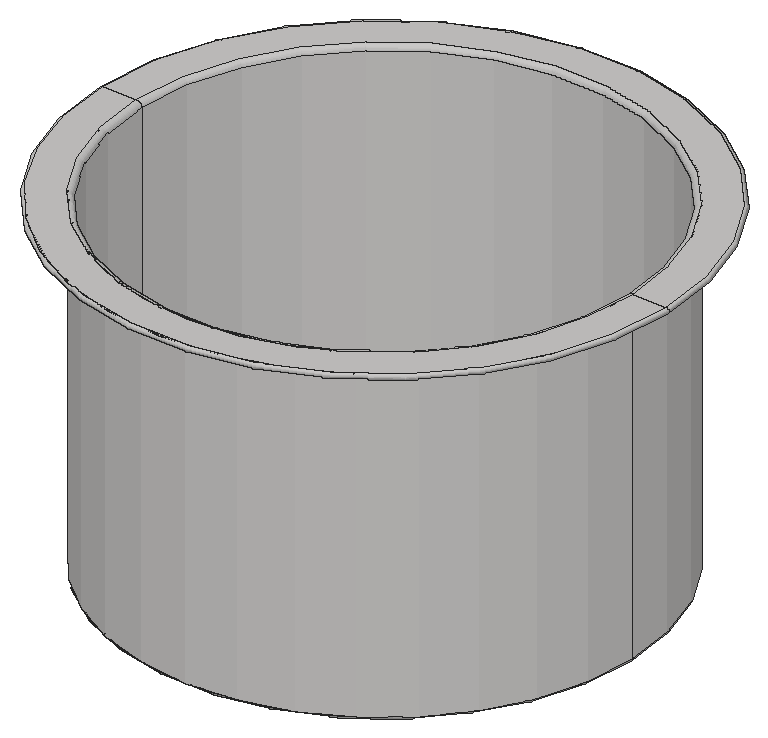
Revit family
Parameters (values of type "B-532")
  URL = "http://www.bobrick.com/"
  Revised Date = "5/28/2015"
  Product URL = "http://www.bobrick.com/washroomaccessories/Pages/ProductDetails.aspx?Product+Number%3DB-532"
  Phone # = "416.250.5656"
  Model = "B-532"
  Material = Stainless Steel (Satin Finish)
  Manufacturer = "Bobrick"
  Designed By = "ATS BIM Team"
  Description = "Satin-finish stainless steel. Flat flange suitable for counter, recessed or under-counter installation. Provides access to under-counter waste receptacle (not included). Outer Dia 6-3/16\" (173mm), Inner Dia 5-5/16\" (151mm), Recess 3-7/8\" (98mm)."
  Assembly Code = "E2020200"
Reference planes (in)
  plane 1 "Center (Front/Back)": y = 0
  plane 2: z = 0
  plane 3 "Center (Left/Right)": x = 0
  plane 4: z = -3.875
  plane 5: x = -2.96875
  plane 6: x = 2.96875
  plane 7: z = 0.0625
Forms (in)
  Revolve 1, solid, material "Stainless Steel"
    sketch origin (0, 0, 0) x (1, 0, 0) y (0, 0, 1)
      loop
        line (-2.907, -3.84375) -> (-2.907, 0.00075)
        arc (-2.907, 0.00075) -> (-2.92509, 0.04441) -> (-2.96875, 0.0625) r 0.06175
        line (-2.96875, 0.0625) -> (-3.375, 0.0625)
        arc (-3.375, 0.0625) -> (-3.40625, 0.03125) -> (-3.375, 0) r 0.03125
        line (-3.375, 0) -> (-2.96875, 0) -> (-2.96875, -3.85057)
        arc (-2.96875, -3.85057) -> (-2.93482, -3.87481) -> (-2.907, -3.84375) r 0.03125
      axis (0, -3.85057) -> (0, 0.0625)
    angle from 0 to 360
